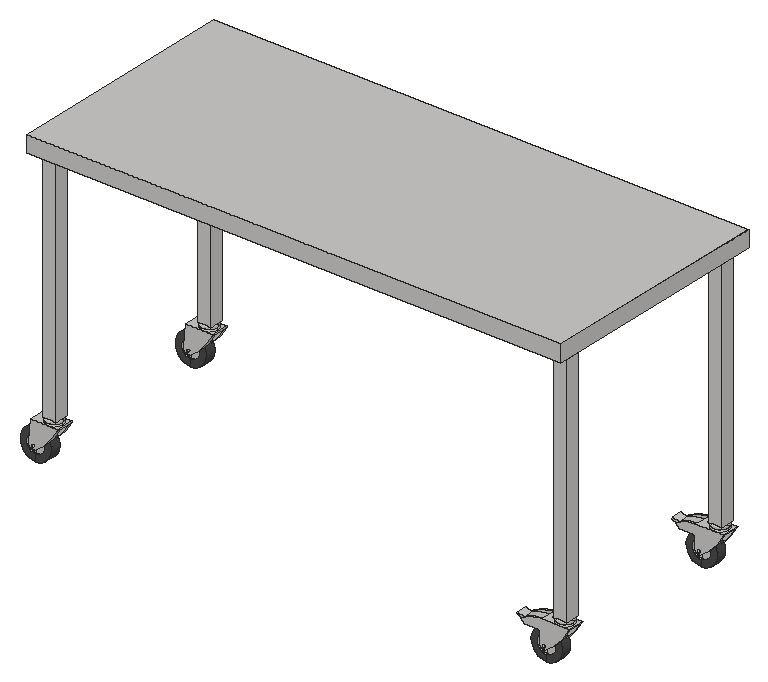
Revit family "QF_ELECTROLUXPROFESSIONAL_133242_TG1600MN", category Attrezzature speciali, Revit 2020
Family settings
  Quota connettore circolare = Usa diametro
  Tipo di parte = Normale
  Basato su piano di lavoro = No
  Sempre verticale = Sì
  Taglio con vuoti quando caricato = No
  Condiviso = No
  Punto di calcolo locali = No
Parameters (values of type "Standard")
  Weight = 50.00 kg
  Watts = 0 W
  Volts = 0 V
  URL Manufacturer = "https://www.electroluxprofessional.com/"
  URL = "https://www.electroluxprofessional.com/"
  Steam Supply Size = 0 mm
  Steam Supply Minimum Pressure = 0.0 Pa
  Steam Supply Maximum Pressure = 0.0 Pa
  Steam Consumption per Hour = 0
  Refrigeration Suction Line Size = 0.0 mm
  Refrigeration Liquid Line Size = 0.0 mm
  Refrigerant Compressor Remote = yes
  Prospetto di default = 0.0 mm
  Produttore = "Electrolux Professional"
  Phase = 0
  Modello = "TG1600MN"
  Length Actual = 1600.0 mm  # constant formula
  Item Number = "133242"
  Hot Water Size = 0 mm
  Height Actual = 900.0 mm  # constant formula
  HP = "0 HP"
  Gas Size = 0 mm
  Gas KW = 0
  Gas Input Pressure = 0 W
  Direct Waste Size = 0 mm
  Descrizione = "WORK TABLE ON WHEELS 1600 MM"
  Depth Actual = 700.0 mm  # constant formula
  Cycle = 0 Hz
  Condensate Return Size = 0 mm
  Compressed Air Volume = 0.0 L/s
  Compressed Air Size = 0 mm
  Compressed Air Pressure = 0.0 Pa
  Cold Water Size = 0 mm
  Accessory = yes
Reference planes
  plane 1 "Center (Front/Back)": y = 0
  plane 2: z = 0
  plane 3 "Center (Left/Right)": x = -200
  plane 4 "LEFT": x = -1000
  plane 5 "RIGHT": x = 600
  plane 6 "BACK": y = 350
  plane 7 "FRONT": y = -350
  plane 8 "Base": z = 850
  plane 9 "TOP": z = 900
  plane 10: x = -964.5
  plane 11: x = 564.5
  plane 12: y = 290
  plane 13: y = -290
Forms (mm)
  Extrusion 1, solid, material "QF_Finishes_Stainless Steel"
    sketch origin (0, 0, 900) x (0, 1, 0) y (-1, 0, 0)
      loop
        line (350, 1000) -> (-350, 1000) -> (-350, -600) -> (350, -600) -> (350, 1000)
    from 0 to -50
  Extrusion 2, solid, material "QF_Finishes_Stainless Steel"
    sketch origin (-200, 0, 0) x (0, 1, 0) y (0, 0, 1)
      loop
        line (350, 900) -> (-350, 900) -> (-350, 850) -> (350, 850) -> (350, 900)
    from 800 to -800
Lines and regions (mm)
  symbolic lines
    curve 1: line (600, 350, 900) -> (-1000, 350, 900)
    curve 2: line (-1000, 350, 900) -> (-1000, -350, 900)
    curve 3: line (-1000, -350, 900) -> (600, -350, 900)
    curve 4: line (600, -350, 900) -> (600, 350, 900)
Dimensions and locks
  plane 4 "LEFT" to plane 5 "RIGHT" = 1600.0 mm
  equal spacing: plane 4 "LEFT", plane 3 "Center (Left/Right)", plane 5 "RIGHT"
  equal spacing: plane 6 "BACK", plane 1 "Center (Front/Back)", plane 7 "FRONT"
  plane 6 "BACK" to plane 7 "FRONT" = 700.0 mm
  plane 8 "Base" to level = 850.0 mm
  plane 9 "TOP" to level = 900.0 mm
  plane 6 "BACK" to plane 12 = 60.0 mm
  plane 13 to plane 7 "FRONT" = 60.0 mm
  plane 4 "LEFT" to plane 10 = 35.5 mm
  plane 11 to plane 5 "RIGHT" = 35.5 mm
  plane 10 to plane 11 = 1529.0 mm
  plane 12 to plane 13 = 580.0 mm
  aligned and locked: level to plane 2
  aligned and locked: plane 10 to nested 1
  aligned and locked: nested 1 to plane 13
  aligned and locked: plane 11 to nested 2
  aligned and locked: nested 2 to plane 13
  aligned and locked: plane 11 to nested 4
  aligned and locked: nested 4 to plane 12
  aligned and locked: plane 10 to nested 3
  aligned and locked: nested 3 to plane 12
  aligned and locked: Extrusion 1 sketch curve to plane 6 "BACK"
  aligned and locked: Extrusion 1 sketch curve to plane 4 "LEFT"
  aligned and locked: Extrusion 1 sketch curve to plane 7 "FRONT"
  aligned and locked: Extrusion 1 sketch curve to plane 5 "RIGHT"
  aligned and locked: plane 12 to nested 6
  aligned and locked: plane 11 to nested 6
  aligned and locked: plane 13 to nested 5
  aligned and locked: plane 10 to nested 5
  aligned and locked: plane 12 to nested 7
  aligned and locked: plane 10 to nested 7
  aligned and locked: plane 11 to nested 8
  aligned and locked: plane 13 to nested 8
  aligned and locked: Extrusion 2 sketch curve to plane 6 "BACK"
  aligned and locked: Extrusion 2 sketch curve to plane 9 "TOP"
  aligned and locked: plane 8 "Base" to Extrusion 2 sketch curve
  aligned and locked: plane 7 "FRONT" to Extrusion 2 sketch curve
  aligned and locked: Extrusion 2 to plane 4 "LEFT"
  aligned and locked: plane 5 "RIGHT" to Extrusion 2
  aligned and locked: plane 6 "BACK" to Extrusion 2
  aligned and locked: Extrusion 2 to plane 7 "FRONT"
Automatic sketch dimensions
  curve 2 to plane 4 "LEFT" = 0.0 mm
  curve 2 to plane 7 "FRONT" = 0.0 mm
  curve 2 to plane 6 "BACK" = 0.0 mm
  curve 1 to plane 5 "RIGHT" = 0.0 mm
Nested families
  nested 1: "FEET_40x40_WHEEL" at (-964.5, -290, 0), type "FEET_40x40_WHEEL"
  nested 2: "FEET_40x40_WHEEL" at (564.5, -290, 0), type "FEET_40x40_WHEEL"
  nested 3: "FEET_40x40_WHEEL" at (-964.5, 290, 0), type "FEET_40x40_WHEEL"
  nested 4: "FEET_40x40_WHEEL" at (564.5, 290, 0), type "FEET_40x40_WHEEL"
  nested 5: "WHEEL130" at (-964.5, -190.35, 0), type "WHEEL130"
    with Type Mark "", Status "", Specification by User "", Revision Code "", Installed By "", Identify Quantity as Lot yes, Furnished By "", Foodservice Equipment Identifier yes
  nested 6: "WHEEL130_LOCKED" at (564.5, 389.65, 0), type "WHEEL130_LOCKED"
    with Type Mark "", Status "", Specification by User "", Revision Code "", Installed By "", Identify Quantity as Lot yes, Furnished By "", Foodservice Equipment Identifier yes
  nested 7: "WHEEL130" at (-964.5, 389.65, 0), type "WHEEL130"
    with Type Mark "", Status "", Specification by User "", Revision Code "", Installed By "", Identify Quantity as Lot yes, Furnished By "", Foodservice Equipment Identifier yes
  nested 8: "WHEEL130_LOCKED" at (564.5, -190.35, 0), type "WHEEL130_LOCKED"
    with Type Mark "", Status "", Specification by User "", Revision Code "", Installed By "", Identify Quantity as Lot yes, Furnished By "", Foodservice Equipment Identifier yes
Definition of nested family "FEET_40x40_WHEEL"
  Parameters
    Default Elevation = 0.0 mm
    FEET = 850.0 mm
  Reference planes
    plane 1 "Center (Front/Back)": y = 0
    plane 2: z = 0
    plane 3 "Center (Left/Right)": x = 0
    plane 4: z = 850
  Forms (mm)
    Extrusion 1, solid
      sketch origin (0, 0, 0) x (1, 0, 0) y (0, 1, 0)
        loop
          line (-20, -20) -> (20, -20) -> (20, 20) -> (-20, 20) -> (-20, -20)
      from 130 to 845
    Extrusion 2, solid
      sketch origin (0, 0, 0) x (1, 0, 0) y (0, 1, 0)
        loop
          line (30, 30) -> (-30, 30) -> (-30, -30) -> (30, -30) -> (30, 30)
      from 845 to 850
  Lines and regions (mm)
    symbolic lines
      curve 1: line (0, -1.503, 0) -> (0, 1.508, 0)
      curve 2: line (1.561, 0, 0) -> (-1.439, 0, 0)
  Dimensions and locks
    "FEET": plane 4 to plane 2
    aligned and locked: level to plane 2
  Automatic sketch dimensions
    Extrusion 1 sketch curve to plane 3 "Center (Left/Right)" = 20.0 mm
    plane 3 "Center (Left/Right)" to Extrusion 1 sketch curve = 20.0 mm
    plane 1 "Center (Front/Back)" to Extrusion 1 sketch curve = 20.0 mm
    Extrusion 1 sketch curve to plane 1 "Center (Front/Back)" = 20.0 mm
    plane 3 "Center (Left/Right)" to Extrusion 2 sketch curve = 30.0 mm
    Extrusion 2 sketch curve to plane 1 "Center (Front/Back)" = 30.0 mm
    Extrusion 2 sketch curve to plane 3 "Center (Left/Right)" = 30.0 mm
    plane 1 "Center (Front/Back)" to Extrusion 2 sketch curve = 30.0 mm
    plane 1 "Center (Front/Back)" to curve 2 = 0.0 mm
    curve 1 to plane 3 "Center (Left/Right)" = 0.0 mm
    curve 2 to plane 3 "Center (Left/Right)" = 1.439 mm
    plane 3 "Center (Left/Right)" to curve 2 = 1.561 mm
    plane 1 "Center (Front/Back)" to curve 1 = 1.503 mm
    curve 1 to plane 1 "Center (Front/Back)" = 1.508 mm
Definition of nested family "WHEEL130"
  Parameters
    Weight = ""
    URL Manufacturer = ""
    URL Cutsheet = ""
    URL = ""
    Type Mark [instance] = ""
    Status [instance] = ""
    Specification by User [instance] = ""
    Specification by Manufacturer = ""
    Serial Number = ""
    Seismic Rating = ""
    SMACNA No = ""
    Revision Code [instance] = ""
    Default Elevation = 0.0 mm
    Omniclass Number and Title = ""
    NAFEM Spec ID Number = ""
    Model = ""
    MasterSpec. = ""
    Manufacturer = ""
    Installed By [instance] = ""
    Identify Quantity as Lot [instance] = yes
    Furnished By [instance] = ""
    Foodservice Equipment Identifier [instance] = yes
    Description = ""
    CSI MasterFormat = ""
    CSI Master Format = ""
    Assembly Code = ""
  Reference planes
    plane 1: z = 0
    plane 2 "Center (Front/Back)": y = -99.65
    plane 3 "Center (Left/Right)": x = 0
    plane 4 "TOP": z = 130
    plane 5 "Center X Caster": x = -44
  Forms (mm)
    Revolve 1, solid
      sketch origin (-44, -53.609, -25.504) x (0, -1, 0) y (0, 0, 1)
        loop
          line (26.04, 72.523) -> (26.04, 66.136) -> (35.372, 66.136) -> (35.372, 45.418) -> (31.533, 45.418) -> (31.533, 25.504) -> (60.548, 25.504) -> (60.548, 45.418) -> (56.709, 45.418) -> (56.709, 66.136) -> (66.04, 66.136) -> (66.04, 72.523) -> (26.04, 72.523)
        loop
          line (71.04, 69.259) -> (72.755, 69.259) -> (74.056, 70.56) -> (74.056, 72.523) -> (71.04, 72.523) -> (71.04, 69.259)
        loop
          line (21.099, 69.259) -> (21.099, 72.523) -> (18.053, 72.523) -> (18.053, 70.56) -> (19.353, 69.259) -> (21.099, 69.259)
        axis (18.053, 72.523) -> (74.056, 72.523)
      angle from 0 to 360
    Extrusion 2, solid
      sketch origin (0, -99.65, 0) x (-1, 0, 0) y (0, 0, 1)
        loop
          line (51.098, 117.019) -> (-30.875, 117.019) -> (-30.453, 113.093)
          arc (-30.453, 113.093) -> (-1.61, 71.515) -> (37.622, 39.556) r 180.858
          arc (37.622, 39.556) -> (51.933, 40.484) -> (57.92, 53.515) r 14
          line (57.92, 53.515) -> (51.098, 117.019)
        loop
          circle (44, 47.019) r 3.264
      from -20 to -25
    Extrusion 3, solid
      sketch origin (0, -99.65, 0) x (-1, 0, 0) y (0, 0, 1)
        loop
          line (51.098, 117.019) -> (-30.875, 117.019) -> (-30.453, 113.093)
          arc (-30.453, 113.093) -> (-1.61, 71.515) -> (37.622, 39.556) r 180.858
          arc (37.622, 39.556) -> (51.933, 40.484) -> (57.92, 53.515) r 14
          line (57.92, 53.515) -> (51.098, 117.019)
        loop
          circle (44, 47.019) r 3.264
      from 20 to 25
    Revolve 4, solid
      sketch origin (0, -99.65, 0) x (-1, 0, 0) y (0, 0, 1)
        loop
          line (0, 130) -> (-20, 130)
          arc (-20, 130) -> (-23.905, 128.171) -> (-25, 124) r 5.083
          line (-25, 124) -> (-22.422, 124) -> (-22.422, 121.88) -> (-24.688, 117.019) -> (0, 117.019) -> (0, 130)
        axis (0, 130) -> (0, 117.019)
      angle from 0 to 360
    Extrusion 5, solid
      sketch origin (0, -99.65, 0) x (-1, 0, 0) y (0, 0, 1)
        loop
          line (-30.875, 117.019) -> (-30.453, 113.093) -> (51.519, 113.093) -> (51.098, 117.019) -> (-30.875, 117.019)
      from -20 to 20
  Cuts and joins
    joined: Extrusion 2, Extrusion 3, Extrusion 5
  Lines and regions (mm)
    symbolic lines
      curve 1: line (-10, -99.65, 0) -> (10, -99.65, 0)
      curve 2: line (0, -108.445, 0) -> (0, -90.405, 0)
  Dimensions and locks
    plane 4 "TOP" to level = 130.0 mm  (x3)
    aligned and locked: level to plane 1
Definition of nested family "WHEEL130_LOCKED"
  Parameters
    Weight = ""
    URL Manufacturer = ""
    URL Cutsheet = ""
    URL = ""
    Type Mark [instance] = ""
    Status [instance] = ""
    Specification by User [instance] = ""
    Specification by Manufacturer = ""
    Serial Number = ""
    Seismic Rating = ""
    SMACNA No = ""
    Revision Code [instance] = ""
    Default Elevation = 0.0 mm
    Omniclass Number and Title = ""
    NAFEM Spec ID Number = ""
    Model = ""
    MasterSpec. = ""
    Manufacturer = ""
    Installed By [instance] = ""
    Identify Quantity as Lot [instance] = yes
    Furnished By [instance] = ""
    Foodservice Equipment Identifier [instance] = yes
    Description = ""
    CSI MasterFormat = ""
    CSI Master Format = ""
    Assembly Code = ""
  Reference planes
    plane 1: z = 0
    plane 2 "Center (Front/Back)": y = -99.65
    plane 3 "Center (Left/Right)": x = 0
    plane 4 "TOP": z = 130
    plane 5 "Center X Caster": x = -44
  Forms (mm)
    Revolve 1, solid
      sketch origin (-44, -53.609, -25.504) x (0, -1, 0) y (0, 0, 1)
        loop
          line (26.04, 72.523) -> (26.04, 66.136) -> (35.372, 66.136) -> (35.372, 45.418) -> (31.533, 45.418) -> (31.533, 25.504) -> (60.548, 25.504) -> (60.548, 45.418) -> (56.709, 45.418) -> (56.709, 66.136) -> (66.04, 66.136) -> (66.04, 72.523) -> (26.04, 72.523)
        loop
          line (71.04, 69.259) -> (72.755, 69.259) -> (74.056, 70.56) -> (74.056, 72.523) -> (71.04, 72.523) -> (71.04, 69.259)
        loop
          line (21.099, 69.259) -> (21.099, 72.523) -> (18.053, 72.523) -> (18.053, 70.56) -> (19.353, 69.259) -> (21.099, 69.259)
        axis (18.053, 72.523) -> (74.056, 72.523)
      angle from 0 to 360
    Extrusion 2, solid
      sketch origin (0, -99.65, 0) x (-1, 0, 0) y (0, 0, 1)
        loop
          line (56.125, 117.019) -> (-30.875, 117.019) -> (-30.453, 113.093)
          arc (-30.453, 113.093) -> (-1.61, 71.515) -> (37.622, 39.556) r 180.858
          arc (37.622, 39.556) -> (51.933, 40.484) -> (57.92, 53.515) r 14
          line (57.92, 53.515) -> (55.234, 78.516)
          arc (55.234, 78.516) -> (57.071, 84.203) -> (62.528, 86.637) r 7.337
          line (62.528, 86.637) -> (102.952, 86.637) -> (113.559, 97.243)
          arc (113.559, 97.243) -> (85.909, 110.231) -> (56.125, 117.019) r 142.32
        loop
          circle (44, 47.019) r 3.264
      from -20 to -25
    Extrusion 3, solid
      sketch origin (0, -99.65, 0) x (-1, 0, 0) y (0, 0, 1)
        loop
          line (56.125, 117.019) -> (-30.875, 117.019) -> (-30.453, 113.093)
          arc (-30.453, 113.093) -> (-1.61, 71.515) -> (37.622, 39.556) r 180.858
          arc (37.622, 39.556) -> (51.933, 40.484) -> (57.92, 53.515) r 14
          line (57.92, 53.515) -> (55.234, 78.516)
          arc (55.234, 78.516) -> (57.071, 84.203) -> (62.528, 86.637) r 7.337
          line (62.528, 86.637) -> (102.952, 86.637) -> (113.559, 97.243)
          arc (113.559, 97.243) -> (85.909, 110.231) -> (56.125, 117.019) r 142.32
        loop
          circle (44, 47.019) r 3.264
      from 20 to 25
    Extrusion 4, solid
      sketch origin (0, -99.65, 0) x (-1, 0, 0) y (0, 0, 1)
        loop
          line (133.012, 98.841) -> (130.309, 103.34) -> (113.559, 97.243)
          arc (113.559, 97.243) -> (84.897, 105.851) -> (55.427, 111.06) r 256.377
          line (55.427, 111.06) -> (44.82, 111.06)
          arc (44.82, 111.06) -> (37.781, 106.584) -> (38.85, 98.311) r 7.772
          line (38.85, 98.311) -> (105.452, 92.484) -> (114.112, 87.484) -> (133.012, 98.841)
        loop
          circle (44, 105.324) r 3.494
      from -14.507 to 14.507
    Extrusion 5, solid
      sketch origin (0, -99.65, 0) x (-1, 0, 0) y (0, 0, 1)
        loop
          circle (44, 105.324) r 3.494
      from -20 to 20
    Revolve 6, solid
      sketch origin (0, -99.65, 0) x (-1, 0, 0) y (0, 0, 1)
        loop
          line (0, 130) -> (-20, 130)
          arc (-20, 130) -> (-23.905, 128.171) -> (-25, 124) r 5.083
          line (-25, 124) -> (-22.422, 124) -> (-22.422, 121.88) -> (-24.688, 117.019) -> (0, 117.019) -> (0, 130)
        axis (0, 130) -> (0, 117.019)
      angle from 0 to 360
    Extrusion 7, solid
      sketch origin (0, -99.65, 0) x (-1, 0, 0) y (0, 0, 1)
        loop
          line (-30.875, 117.019) -> (-30.453, 113.093) -> (51.519, 113.093) -> (51.098, 117.019) -> (-30.875, 117.019)
      from -20 to 20
  Cuts and joins
    joined: Extrusion 2, Extrusion 3, Extrusion 7
  Lines and regions (mm)
    symbolic lines
      curve 1: line (11.908, -99.65, 0) -> (-11.403, -99.65, 0)
      curve 2: line (0, -111.652, 0) -> (0, -88.928, 0)
  Dimensions and locks
    plane 4 "TOP" to level = 130.0 mm  (x3)
    aligned and locked: level to plane 1
